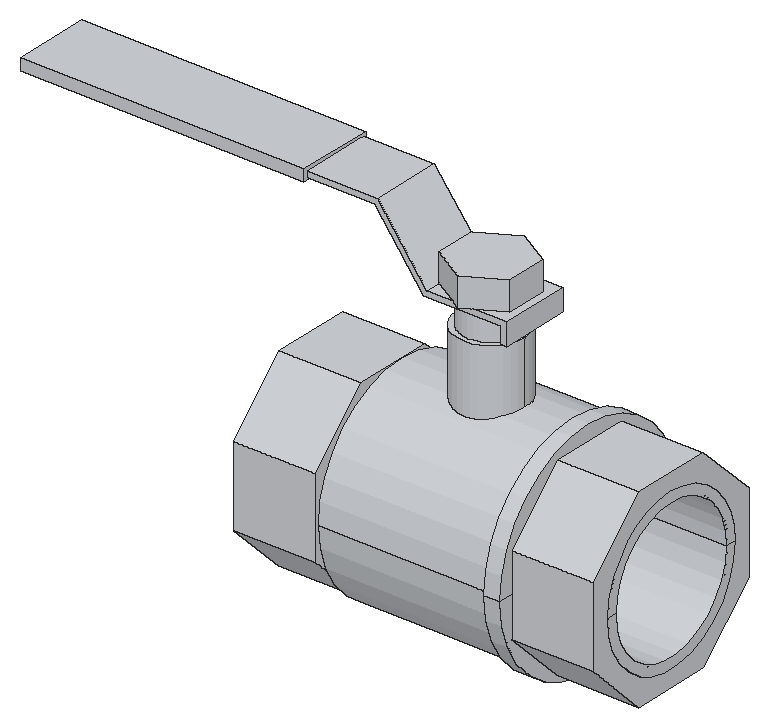
Revit family "PipeAccessories_BallValve-Lockable_DRBrass_Dura_Water_15-50mm", category Pipe Accessories, Revit 2019
Family settings
  Round Connector Dimension = Use Radius
  Part Type = Valve - Breaks Into
  OmniClass Number = 23.65.55.14.17
  OmniClass Title = Adjusting/Controlling Valves for Liquid Services
  Work Plane-Based = No
  Always vertical = Yes
  Cut with Voids When Loaded = No
  Shared = No
Parameters (values of type "Eagle_L-Ball Valve_F-F_50mm")
  WaterTreatmentSystemOperating [instance] = yes
  WaterLevelsSet [instance] = yes
  Uniformat IIElements = "TBC"
  Type Comments = "Dura|s range of valves ensure you have the right valve for the right application;Products range from ball valves and gate valves all the way to butterfly and mechanical valves to ensure you have the solution to meet your specification requirements;"
  StatutoryRegistrationsAndLabelsComplete [instance] = yes
  SerialNumber [instance] = ""
  ProductCode = "9502879"
  OmniclassProducts = "TBC"
  NATSPECWorkSection = "TBC"
  ModifiedIssue_ANZRS = 20130924.61
  Model Version = "2013-03"
  Model Status [instance] = ""
  Model Specification = "BMA"
  Mark [instance] = ""
  HandleInsulationMaterial = none
  HandleInsulationLength = NominalDiameter * 2  # 100.00 mm
  FinalHHWFlow [instance] = 0.0 L/s
  Description = "Suitable for line assembly in pipeline with the principle aim to open and close flow in distribution systems; Suitable for hot and cold water applications;"
  CreatedBy_ANZRS = "A2K Technologies"  # constant formula
  CreatedByURL_ANZRS = "http://www.bimmepaus.au/"
  CommissioningEngineer [instance] = ""
  CommissioningDate [instance] = ""
  CenterToHandle = RodRadius + 3.50 mm  # 13.50 mm
  URL = "www.reece.com.au"
  SW = 68.00 mm
  RodHeight = (NominalDiameter * 2) - 5.00 mm  # 95.00 mm
  RodRadius = NominalDiameter / 5  # 10.00 mm
  OuterRadius = A / 3.25  # 39.077 mm
  NominalRadius = NominalDiameter / 2  # 25.00 mm
  Model = "Eagle_L-Ball Valve_F-F_50mm"
  BodyMaterial = none
  Manufacturer = "Reece"
  L = 155.00 mm
  HandleWidth = NominalDiameter / 2  # 25.00 mm
  EX = RodRadius + 2.00 mm  # 12.00 mm
  NominalDiameter = 50.00 mm
  DD = D / 2  # 24.50 mm
  D = 49.00 mm
  C = 29.00 mm
  B = 94.00 mm
  Assembly Code = "D2090800"
  A = 127.00 mm
Types (6, lengths in mm): name | ProductCode | HandleInsulationLength | CenterToHandle | SW | RodHeight | RodRadius | OuterRadius | NominalRadius | Model | L | HandleWidth | EX | NominalDiameter | DD | D | C | B | A
  Eagle_L-Ball Valve_F-F_15mm | "9502874" | 30.00 | 6.50 | 25.50 | 25.00 | 3.00 | 18.462 | 7.50 | "Eagle_L-Ball Valve_F-F_15mm" | 85.00 | 7.50 | 5.00 | 15.00 | 7.25 | 14.50 | 16.50 | 56.00 | 60.00
  Eagle_L-Ball Valve_F-F_50mm | "9502879" | 100.00 | 13.50 | 68.00 | 95.00 | 10.00 | 39.077 | 25.00 | "Eagle_L-Ball Valve_F-F_50mm" | 155.00 | 25.00 | 12.00 | 50.00 | 24.50 | 49.00 | 29.00 | 94.00 | 127.00
  Eagle_L-Ball Valve_F-F_40mm | "9502878" | 80.00 | 11.50 | 54.50 | 75.00 | 8.00 | 33.231 | 20.00 | "Eagle_L-Ball Valve_F-F_40mm" | 155.00 | 20.00 | 10.00 | 40.00 | 20.00 | 40.00 | 25.00 | 85.50 | 108.00
  Eagle_L-Ball Valve_F-F_32mm | "9502877" | 64.00 | 9.90 | 48.00 | 59.00 | 6.40 | 30.154 | 16.00 | "Eagle_L-Ball Valve_F-F_32mm" | 130.00 | 16.00 | 8.40 | 32.00 | 16.00 | 32.00 | 25.00 | 76.50 | 98.00
  Eagle_L-Ball Valve_F-F_25mm | "9502876" | 50.00 | 8.50 | 38.40 | 45.00 | 5.00 | 25.538 | 12.50 | "Eagle_L-Ball Valve_F-F_25mm" | 115.00 | 12.50 | 7.00 | 25.00 | 12.25 | 24.50 | 23.00 | 62.00 | 83.00
  Eagle_L-Ball Valve_F-F_20mm | "9502875" | 40.00 | 7.50 | 31.50 | 35.00 | 4.00 | 20.923 | 10.00 | "Eagle_L-Ball Valve_F-F_20mm" | 115.00 | 10.00 | 6.00 | 20.00 | 9.50 | 19.00 | 18.50 | 59.00 | 68.00
Reference planes
  plane 1 "Center (Front/Back)": y = 0
  plane 2: z = 0
  plane 3 "Center (Left/Right)": x = 0
Forms (mm)
  Extrusion 1, solid, material <- "BodyMaterial", detail levels fine
    sketch origin (16.5, 0, 0) x (0, 1, 0) y (0, 0, 1)
      loop
        line (-14.083, 34) -> (-34, 14.083) -> (-34, -14.083) -> (-14.083, -34) -> (14.083, -34) -> (34, -14.083) -> (34, 14.083) -> (14.083, 34) -> (-14.083, 34)
      loop
        circle (0, 0) r 25
    from 18 to 47
  Extrusion 2, solid, material <- "BodyMaterial", detail levels fine
    sketch origin (-30, 0, 0) x (0, 1, 0) y (0, 0, 1)
      loop
        line (-14.083, 34) -> (-34, 14.083) -> (-34, -14.083) -> (-14.083, -34) -> (14.083, -34) -> (34, -14.083) -> (34, 14.083) -> (14.083, 34) -> (-14.083, 34)
      loop
        circle (0, 0) r 25
    from -33.5 to -4.5
  Revolve 3, solid, material <- "BodyMaterial", detail levels fine
    sketch origin (0, 0, 0) x (1, 0, 0) y (0, 1, 0)
      loop
        line (-63.5, -24.5) -> (-63.5, -28) -> (-33.48, -28) -> (-31.15, -36.925) -> (27.593, -36.925) -> (28.834, -39.077) -> (34.5, -39.077) -> (34.5, -28) -> (63.5, -28) -> (63.5, -24.5) -> (-63.5, -24.5)
      axis (-63.5, 0) -> (63.5, 0)
    angle from 0 to 360
  Extrusion 4, solid, material <- "BodyMaterial", detail levels fine
    sketch origin (0, 7.5, 0) x (1, 0, 0) y (0, 0, 1)
      loop
        line (15.5, 62.357) -> (15.5, 70.024) -> (-12.507, 70.024) -> (-29.956, 93) -> (-155, 93) -> (-155, 91) -> (-30.948, 91) -> (-13.5, 68.024) -> (13.5, 68.024) -> (13.5, 62.357) -> (15.5, 62.357)
    from -5 to 20
  Revolve 5, solid, material <- "BodyMaterial", detail levels fine
    sketch origin (0, 0, 0) x (1, 0, 0) y (0, 0, 1)
      loop
        line (0, 68.024) -> (-10, 68.024) -> (-10, 58.357) -> (-12, 58.357) -> (-12, 25) -> (0, 25) -> (0, 68.024)
      axis (0, 68.024) -> (0, 25)
    angle from 0 to 360
  Extrusion 6, solid, material <- "HandleInsulationMaterial", detail levels fine
    sketch origin (0, 0, 0) x (0, 1, 0) y (0, 0, 1)
      loop
        line (13.5, 94) -> (-13.5, 94) -> (-13.5, 90) -> (13.5, 90) -> (13.5, 94)
      loop
        line (12.5, 93) -> (-12.5, 93) -> (-12.5, 91) -> (12.5, 91) -> (12.5, 93)
    from -155 to -55
Lines and regions (mm)
  reference lines
    curve 1: line (-50.639, -24.5, 0) -> (64.361, -24.5, 0)
Dimensions and locks
  "SW": Extrusion 1 sketch curve to Extrusion 1 sketch curve  (x4)
  equal spacing: Extrusion 1 sketch curve, plane 1 "Center (Front/Back)", Extrusion 1 sketch curve  (x3)
  equal spacing: Extrusion 1 sketch curve, level, Extrusion 1 sketch curve
  "SW": Extrusion 2 sketch curve to Extrusion 1
  "SW": Extrusion 2 sketch curve to Extrusion 2 sketch curve  (x2)
  "SW": Extrusion 1 to Extrusion 2 sketch curve
  equal spacing: Extrusion 2 sketch curve, plane 1 "Center (Front/Back)", Extrusion 2 sketch curve  (x2)
  equal spacing: Extrusion 1, level, Extrusion 2 sketch curve
  equal spacing: Extrusion 1, plane 1 "Center (Front/Back)", Extrusion 2 sketch curve
  "C": Extrusion 2 to Extrusion 2
  "C": Extrusion 1 to Extrusion 1
  "DD": curve 1 to plane 1 "Center (Front/Back)"
  "A": Extrusion 2 to Extrusion 1
  equal spacing: Extrusion 2, plane 3 "Center (Left/Right)", Extrusion 1  (x2)
  "DD": plane 1 "Center (Front/Back)" to Revolve 3 sketch curve
  "OuterRadius": Revolve 3 sketch curve to plane 1 "Center (Front/Back)"
  locked: Revolve 3 sketch curve to Revolve 3 sketch curve at 2.152
  locked: Extrusion 2 to Revolve 3 sketch curve at 3.35
  locked: Revolve 3 sketch curve to Extrusion 1 at 6.907
  locked: Revolve 3 sketch curve to Extrusion 1 at 5.666
  locked: Revolve 3 sketch curve to Revolve 3 sketch curve at 3.5
  locked: Extrusion 2 to Revolve 3 sketch curve at 1.02
  "HandleWidth": Extrusion 4 to Extrusion 4
  equal spacing: Extrusion 4, plane 1 "Center (Front/Back)", Extrusion 4
  "L": plane 3 "Center (Left/Right)" to Extrusion 4 sketch curve
  locked: Extrusion 4 sketch curve to Extrusion 4 sketch curve at 2  (x4)
  equal spacing: Extrusion 4 sketch curve, plane 3 "Center (Left/Right)", Extrusion 4 sketch curve
  "RodRadius": Revolve 5 sketch curve to Revolve 5 sketch curve
  "CenterToHandle": plane 3 "Center (Left/Right)" to Extrusion 4 sketch curve
  locked: Revolve 5 sketch curve to Revolve 5 sketch curve at 2
  locked: Revolve 5 sketch curve to Extrusion 4 at 4
  "NominalRadius": level to Revolve 5 sketch curve
  locked: Extrusion 4 sketch curve to Extrusion 4 sketch curve at 22.976
  locked: Extrusion 4 sketch curve to Extrusion 4 sketch curve at 28.643
  locked: Extrusion 6 to Extrusion 6 at 1
  "B": Extrusion 6 to plane 2
  locked: Extrusion 6 to Extrusion 4 at 1  (x2)
  locked: Extrusion 4 to Extrusion 6 at 1
  "HandleInsulationLength": Extrusion 6 to Extrusion 6
  "NominalRadius": radius of Extrusion 2 sketch curve
  "NominalRadius": radius of Extrusion 1 sketch curve
  angle Extrusion 1 sketch curve to Extrusion 1 sketch curve = 135.00°  (x8)
  angle Extrusion 1 to Extrusion 2 sketch curve = 135.00°  (x2)
  angle Extrusion 2 sketch curve to Extrusion 2 sketch curve = 135.00°  (x5)
  angle Extrusion 2 sketch curve to Extrusion 1 = 135.00°
  aligned and locked: level to plane 2
  aligned and locked: Revolve 3 sketch curve to Revolve 3 sketch curve
  aligned and locked: plane 1 "Center (Front/Back)" to Revolve 3 sketch curve
  aligned and locked: Extrusion 2 to Revolve 3 sketch curve
  aligned and locked: Extrusion 1 to Revolve 3 sketch curve  (x2)
  aligned and locked: Extrusion 4 to Revolve 5
  aligned and locked: plane 3 "Center (Left/Right)" to nested 1
  aligned and locked: nested 1 to plane 1 "Center (Front/Back)"
  aligned and locked: nested 1 to Extrusion 4
  aligned and locked: Extrusion 6 to Extrusion 4  (x5)
  aligned and locked: plane 3 "Center (Left/Right)" to nested 2
  aligned and locked: plane 1 "Center (Front/Back)" to nested 2
Automatic sketch dimensions
  plane 1 "Center (Front/Back)" to Extrusion 6 sketch curve = 13.50 mm
  level to Extrusion 6 sketch curve = 90.00 mm
  plane 1 "Center (Front/Back)" to Extrusion 6 sketch curve = 12.50 mm
  Extrusion 6 sketch curve to plane 1 "Center (Front/Back)" = 12.50 mm
  Extrusion 6 sketch curve to Extrusion 6 sketch curve = 1.00 mm  (x2)
  Extrusion 6 sketch curve to Extrusion 6 sketch curve = 2.00 mm
  Extrusion 6 sketch curve to Extrusion 6 sketch curve = 4.00 mm
  Extrusion 1 sketch curve to level = 0.00 mm
  Extrusion 1 sketch curve to plane 1 "Center (Front/Back)" = 0.00 mm
  Extrusion 2 sketch curve to level = 0.00 mm
  Extrusion 2 sketch curve to plane 1 "Center (Front/Back)" = 0.00 mm
  curve 1 to plane 3 "Center (Left/Right)" = 50.639 mm
  plane 3 "Center (Left/Right)" to curve 1 = 64.361 mm
  Revolve 3 sketch curve to Revolve 3 sketch curve = 135.00 mm
  Revolve 3 sketch curve to Revolve 3 sketch curve = 22.793 mm
  Extrusion 4 sketch curve to plane 3 "Center (Left/Right)" = 30.948 mm
  level to Extrusion 4 sketch curve = 62.357 mm
  Revolve 5 sketch curve to plane 3 "Center (Left/Right)" = 0.00 mm  (x2)
  Revolve 5 sketch curve to Revolve 5 sketch curve = 9.667 mm
  Revolve 5 sketch curve to level = 18.607 mm
  Revolve 5 sketch curve to Revolve 5 sketch curve = 3.494 mm
Nested families
  nested 1: "Inscribed Hex Nut1" at (0, 0, 75.024) x (0, 1, 0) z (0, 0, 1), type "Inscribed Hex Nut1", detail levels fine
    with Width 10.00 mm, Hex Size 25.00 mm
  nested 2: "Ball_Valve_S" at (0, 0, 0), type "Ball_Valve_S", detail levels coarse+medium
    with SymbolWidth 68.00 mm, Shaft Length 63.50 mm, R 34.00 mm, Length 127.00 mm, A 59.00 mm
Connectors
  piping at (-63.5, 0, 0), diameter 50, driven by "NominalRadius"
    settings: on Extrusion 2, index 1, connector inside diameter 15 mm, connector length 0.00 mm, flow factor 0, pipe flow 0.0 L/s, pressure drop 0.0 Pa, fitting loss kfactor 0, connector angle 0.00°, fixture units 0, engagement length 0.00 mm, angle of deflection 0.00°, flow configuration 0, flow direction 0, fitting loss method 0, system type 28, joint type 0, gender type 0, connector reference index 2, connector utility 0, adjustable connector no, is connector primary yes, connector description ""
  piping at (63.5, 0, 0), diameter 50, driven by "NominalRadius"
    settings: on Extrusion 1, index 2, connector inside diameter 15 mm, connector length 0.00 mm, flow factor 0, pipe flow 0.0 L/s, pressure drop 0.0 Pa, fitting loss kfactor 0, connector angle 0.00°, fixture units 0, engagement length 0.00 mm, angle of deflection 0.00°, flow configuration 0, flow direction 0, fitting loss method 0, system type 28, joint type 0, gender type 0, connector reference index 1, connector utility 0, adjustable connector no, is connector primary no, connector description ""
Definition of nested family "Inscribed Hex Nut1"
  Parameters
    Width = 2.50 mm
    Material = none
    Hex Size = 5.00 mm
  Reference planes
    plane 1 "Center (Front/Back)": y = 0
    plane 2: z = 0
    plane 3 "Center (Left/Right)": x = 0
  Forms (mm)
    Extrusion 1, solid, material <- "Material"
      sketch origin (-8.66, 0, -125) x (1, 0, 0) y (0, 1, 0)
        loop
          line (7.217, 2.5) -> (5.774, 0) -> (7.217, -2.5) -> (10.104, -2.5) -> (11.547, 0) -> (10.104, 2.5) -> (7.217, 2.5)
      from 123.75 to 126.25
  Dimensions and locks
    "Width": Extrusion 1 to Extrusion 1
    equal spacing: Extrusion 1, level, Extrusion 1
    "Hex Size": Extrusion 1 sketch curve to Extrusion 1 sketch curve  (x3)
    equal spacing: Extrusion 1 sketch curve, plane 1 "Center (Front/Back)", Extrusion 1 sketch curve
    equal spacing: Extrusion 1 sketch curve, plane 3 "Center (Left/Right)", Extrusion 1 sketch curve  (x2)
    angle Extrusion 1 sketch curve to Extrusion 1 sketch curve = 120.00°  (x6)
    aligned and locked: level to plane 2
Definition of nested family "Ball_Valve_S"
  Parameters
    SymbolWidth = 8.00 mm
    Shaft Length = Length / 2  # 22.50 mm
    R = SymbolWidth / 2  # 4.00 mm
    Length = 45.00 mm
    A = (SymbolWidth / 2) + 25.00 mm  # 29.00 mm
  Reference planes
    plane 1 "Center (Front/Back)": y = 0
    plane 2: z = 0
    plane 3 "Center (Left/Right)": x = 0
  Lines and regions (mm)
    model lines
      curve 1: line (-22.5, 4, 0) -> (-22.5, -4, 0)
      curve 2: line (22.5, 4, 0) -> (22.5, -4, 0)
      curve 3: circle (0, 0, 0) r 4 normal (0, 0, 1)
      curve 4: line (0, 4, 0) -> (0, 29, 0)
      curve 5: line (0, 29, 0) -> (22.5, 29, 0)
  Dimensions and locks
    "SymbolWidth": curve 2 to curve 2
    "SymbolWidth": curve 1 to curve 1
    equal spacing: curve 2, plane 1 "Center (Front/Back)", curve 2
    equal spacing: curve 1, plane 1 "Center (Front/Back)", curve 1
    equal spacing: curve 1, curve 4, curve 2
    "Length": curve 1 to curve 2
    "A": plane 1 "Center (Front/Back)" to curve 5
    "Shaft Length": plane 3 "Center (Left/Right)" to curve 5
    "R": radius of curve 3
    aligned and locked: level to plane 2
  Automatic sketch dimensions
    curve 5 to plane 3 "Center (Left/Right)" = 0.00 mm
    plane 1 "Center (Front/Back)" to curve 3 = 0.00 mm
    curve 3 to plane 3 "Center (Left/Right)" = 0.00 mm
